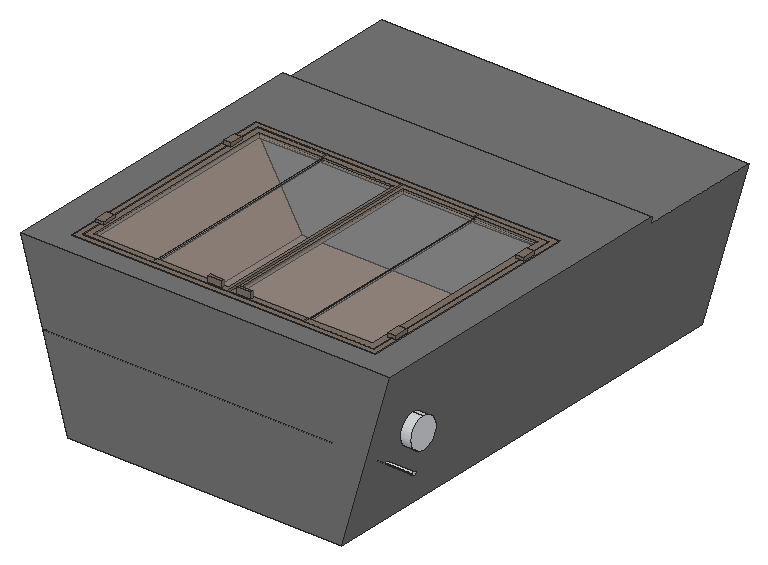
Revit family "Fireplace_Wood_Heatilator_Birmingham", category Mechanical Equipment, host Face, Revit 2015
Parameters (values of type "50x38 Viewing Area Gas Log")
  hvacrad [instance] = Outside Air Connection Diameter / 2  # 0' - 2 1/2"
  gasrad [instance] = Gas Connection Diameter / 2  # 0' - 0 1/4"
  exhaustrad [instance] = Exhaust Connection Diameter / 2  # 0' - 2 1/2"
  Warranty Duration (Years) = 0
  Unit Width = 5' - 0 7/8"
  Unit Weight = 0
  Unit Height = 6' - 2 1/8"
  Unit Depth = 2' - 3 1/2"
  URL = "http://www.heatilator.com/"
  Test Data = ""
  Standards Conformance = "UL  ;  cUL"
  Specification = "http://www.arcat.com/sdspecs/htm04/10_31_07hea.htm"
  SpecWizard = ""
  Send Message = "http://www.arcat.com/users.pl?action=UserEmail&amp;company=Heatilator<sup><small></small></sup>&amp;coid=49248&amp;rep=144&amp;fax=&amp;mf=95"
  Screen [instance] = BirminghamFace : BiFold Glass Door
  Sales Information = "http://www.heatilator.com/Contact-Us.aspx"
  Revision = "R2_2014-09"
  Recess Into Host [instance] = 2' - 3 1/2"
  Rear Width = 3' - 9 1/8"
  Rear Wall Finish [instance] = Masonry - Heatilator - Brick as Specified
  Product Properties = ""
  Product Data = "http://www.arcat.com/arcatcos/cos9549/arc49248.html"
  Opening Width = 4' - 2"
  Opening Height = 3' - 2"
  Mounting Height [instance] = 1' - 10.76867"
  Model = "BIR50 Gas"
  Manufacturer Website = "http://www.heatilator.com/"
  Manufacturer Phone - Toll Free = "800-927-6841"
  Manufacturer Phone = ""
  Manufacturer Fax = ""
  Manufacturer Address = "7571 215th St. W.  Lakeville, MN 55044"
  Manufacturer = "Heatilator"
  Maintenance Schedule (Months) = 0
  Keynote = "10305"
  Installation-Fabrication = ""
  Installation Phase = ""
  Heating Capacity = "as Specified"
  HVAC_BTU Output = 0.0 Btu/h
  HVAC_BTU Input = 150000.0 Btu/h
  Outside Air Connection Diameter [instance] = 5"
  Green Building-LEED = ""
  Glazing Tint [instance] = Glazing - Heatilator - Clear
  Gas Connection Diameter [instance] = 1/2"
  Fuel Type = "NG"
  Fuel Consumption = "as Specified"
  Fixture Finish = Metal - Heatilator - Metallic Black
  Expected Lifespan (Years) = 0
  Exhaust Connection Diameter [instance] = 5"
  Efficiency Ratings = "as Specified"
  Drawn By = "Sumex Design, Inc. / Robert S. Weygant, CSI, CDT, SCIP"
  Door Finish [instance] = Metal - Heatilator - Bronze
  Description = "Heatilator Gas Burning Fireplace - Birmingham BIR50 as Specified"
  Default Elevation = 0' - 0"
  Copyright = "©Arcat Inc."
  Construction Details = "http://www.arcat.com/details/heatil/heatil.html?coid=49248"
  Building Codes = ""
  Assembly Code = "D3020"
Types (6): name | Unit Width | Rear Width | Opening Width | Model | HVAC_BTU Input | Fuel Type | Efficiency Ratings | Description
  50x38 Viewing Area Gas Log | 5' - 0 7/8" | 3' - 9 1/8" | 4' - 2" | "BIR50 Gas" | 150000.0 Btu/h | "NG" | "as Specified" | "Heatilator Gas Burning Fireplace - Birmingham BIR50 as Specified"
  42x38 Viewing Area Gas Log | 4' - 4 7/8" | 3' - 1 1/8" | 3' - 6" | "BIR42 Gas" | 150000.0 Btu/h | "NG" | "as Specified" | "Heatilator Gas Burning Fireplace - Birmingham BIR42 as Specified"
  36x38 Viewing Area Gas Log | 3' - 10 7/8" | 2' - 7 1/8" | 3' - 0" | "BIR36 Gas" | 150000.0 Btu/h | "NG" | "as Specified" | "Heatilator Gas Burning Fireplace - Birmingham BIR36 as Specified"
  50x38 Viewing Area Wood | 5' - 0 7/8" | 3' - 9 1/8" | 4' - 2" | "BIR50" | 0.0 Btu/h | "Wood" | "Determined by Wood Used" | "Heatilator Wood Burning Fireplace - Birmingham BIR50 as Specified"
  42x38 Viewing Area Wood | 4' - 4 7/8" | 3' - 1 1/8" | 3' - 6" | "BIR42" | 0.0 Btu/h | "Wood" | "Determined by Wood Used" | "Heatilator Wood Burning Fireplace - Birmingham BIR42 as Specified"
  36x38 Viewing Area Wood | 3' - 10 7/8" | 2' - 7 1/8" | 3' - 0" | "BIR36" | 0.0 Btu/h | "Wood" | "Determined by Wood Used" | "Heatilator Wood Burning Fireplace - Birmingham BIR36 as Specified"
Reference planes (in)
  plane 1 "Opening CL": y = 0
  plane 2: z = 0
  plane 3 "Center (Left/Right)": x = 0
  plane 4: z = -27.5
  plane 5 "Front": z = 0
  plane 6: x = -25
  plane 7: x = 25
  plane 8: y = 23.3125
  plane 9 "FF": y = -41.20617
  plane 10: y = -18.4375
  plane 11: y = -14.6875
  plane 12: x = -30.4375
  plane 13: x = 30.4375
  plane 14: y = 55.6875
  plane 15: x = -22.5625
  plane 16: x = 22.5625
Forms (in)
  Extrusion 1, void
    sketch origin (0, 0, 0) x (1, 0, 0) y (0, 1, 0)
      loop
        line (30.4375, 55.6875) -> (-30.4375, 55.6875) -> (-30.4375, -18.4375) -> (30.4375, -18.4375) -> (30.4375, 55.6875)
    from -27.5 to 5.63952
  Extrusion 2, solid
    sketch origin (0, 55.6875, 0) x (0, 0, -1) y (1, 0, 0)
      loop
        circle (16.5, 0) r 2.5
    from 14.62715 to 16.25
  Extrusion 3, solid, material "Metal - Heatilator - Metallic Black" <- "Fixture Finish"
    sketch origin (0, 0, 0) x (1, 0, 0) y (0, 0, 1)
      loop
        line (-30.4375, 0) -> (-22.5625, -27.5) -> (22.5625, -27.5) -> (30.4375, 0) -> (-30.4375, 0)
    from 14.6875 to 18.4375
  Extrusion 4, solid, material "Metal - Heatilator - Metallic Black" <- "Fixture Finish"
    sketch origin (0, 0, 0) x (1, 0, 0) y (0, 0, 1)
      loop
        line (-30.4375, 0) -> (-22.5625, -27.5) -> (22.5625, -27.5) -> (30.4375, 0) -> (25, 0) -> (25, -1) -> (17.49445, -14) -> (-17.49445, -14) -> (-25, -1) -> (-25, 0) -> (-30.4375, 0)
    from -23.3125 to 14.6875
  Extrusion 5, solid, material "Metal - Heatilator - Metallic Black" <- "Fixture Finish"
    sketch origin (-6.5, -18.4375, 48) x (1, 0, 0) y (0, 0, 1)
      loop
        line (-23.9375, -48) -> (-16.0625, -75.5) -> (29.0625, -75.5) -> (36.9375, -48) -> (-23.9375, -48)
    from -41.75 to -54
  Extrusion 6, solid, material "Metal - Heatilator - Metallic Black" <- "Fixture Finish"
    sketch origin (-6.5, -18.4375, 48) x (1, 0, 0) y (0, 0, 1)
      loop
        line (-23.65114, -49) -> (-16.0625, -75.5) -> (29.0625, -75.5) -> (36.65114, -49) -> (-23.65114, -49)
    from -54 to -74.125
  Extrusion 7, solid
    sketch origin (30.4375, -180, 14.07791) x (0, 0, 1) y (0, -1, 0)
      loop
        circle (-25.20291, -168.4375) r 2.5
    from 0 to -1.68808
  Extrusion 8, solid
    sketch origin (-30.4375, -180, 14.07791) x (0, 0, 1) y (0, -1, 0)
      loop
        circle (-25.20291, -168.4375) r 2.5
    from 0 to 1.59306
  Extrusion 9, solid
    sketch origin (0, 0, 0) x (0, 1, 0) y (0, 0, 1)
      loop
        circle (-13.4375, -16.25) r 0.25
    from -30.4375 to 30.4375
Cuts and joins
  joined: Extrusion 3, Extrusion 4, Extrusion 5, Extrusion 6
Dimensions and locks (in)
  "Recess Into Host": level to plane 4
  "Unit Depth": plane 5 "Front" to plane 4
  equal spacing: plane 6, plane 3 "Center (Left/Right)", plane 7
  "Opening Width": plane 6 to plane 7
  "Mounting Height": plane 10 to plane 9 "FF"
  locked: plane 10 to plane 11 at 3.75
  "Opening Height": plane 8 to plane 11
  equal spacing: plane 12, plane 3 "Center (Left/Right)", plane 13
  "Unit Width": plane 12 to plane 13
  "Unit Height": plane 10 to plane 14
  locked: Extrusion 2 sketch curve to plane 3 "Center (Left/Right)" at 0
  equal spacing: plane 16, plane 3 "Center (Left/Right)", plane 15
  "Rear Width": plane 16 to plane 15
  locked: plane 5 "Front" to Extrusion 4 sketch curve at 14
  locked: plane 5 "Front" to Extrusion 4 sketch curve at 1  (x2)
  locked: plane 5 "Front" to Extrusion 6 sketch curve at 1
  locked: plane 5 "Front" to Extrusion 7 sketch curve at 11.125
  locked: plane 10 to Extrusion 7 sketch curve at 6.875
  locked: plane 10 to Extrusion 8 sketch curve at 6.875
  locked: plane 5 "Front" to Extrusion 8 sketch curve at 11.125
  locked: plane 5 "Front" to Extrusion 9 sketch curve at 16.25
  locked: plane 10 to Extrusion 9 sketch curve at 5
  locked: Extrusion 2 sketch curve to plane 4 at 11
  "exhaustrad": radius of Extrusion 2 sketch curve
  "hvacrad": radius of Extrusion 7 sketch curve
  "hvacrad": radius of Extrusion 8 sketch curve
  "gasrad": radius of Extrusion 9 sketch curve
  locked: Extrusion 4 sketch curve to plane 7 (angle 30.00°)
  locked: plane 6 to Extrusion 4 sketch curve (angle 30.00°)
  aligned and locked: plane 2 to host face
  aligned and locked: level to host face
  aligned: Extrusion 1 to plane 5 "Front"
  aligned and locked: Extrusion 1 to plane 4
  aligned and locked: Extrusion 1 sketch curve to plane 10
  aligned and locked: plane 13 to Extrusion 1 sketch curve
  aligned and locked: Extrusion 1 sketch curve to plane 12
  aligned and locked: Extrusion 1 sketch curve to plane 14
  aligned and locked: plane 5 "Front" to Extrusion 3 sketch curve
  aligned and locked: Extrusion 3 sketch curve to plane 4
  aligned and locked: plane 16 to Extrusion 3 sketch curve
  aligned and locked: plane 15 to Extrusion 3 sketch curve
  aligned and locked: Extrusion 3 to plane 10
  aligned and locked: Extrusion 3 to plane 11
  aligned and locked: plane 5 "Front" to Extrusion 4 sketch curve
  aligned and locked: Extrusion 4 sketch curve to plane 5 "Front"
  aligned and locked: plane 15 to Extrusion 4 sketch curve
  aligned and locked: plane 16 to Extrusion 4 sketch curve
  aligned and locked: Extrusion 4 sketch curve to plane 4
  aligned and locked: Extrusion 4 to plane 8
  aligned and locked: Extrusion 4 to plane 11
  aligned and locked: plane 5 "Front" to Extrusion 5 sketch curve
  aligned and locked: plane 15 to Extrusion 5 sketch curve
  aligned and locked: plane 16 to Extrusion 5 sketch curve
  aligned and locked: plane 13 to Extrusion 5 sketch curve
  aligned and locked: plane 12 to Extrusion 5 sketch curve
  aligned and locked: Extrusion 5 to plane 8
  aligned and locked: Extrusion 3 to Extrusion 6 sketch curve
  aligned and locked: Extrusion 6 sketch curve to Extrusion 3
  aligned and locked: Extrusion 6 sketch curve to plane 4
  aligned and locked: plane 16 to Extrusion 6 sketch curve
  aligned and locked: plane 15 to Extrusion 6 sketch curve
  aligned and locked: Extrusion 6 to plane 14
  aligned and locked: nested 1 to plane 10
  aligned and locked: plane 3 "Center (Left/Right)" to nested 1
  aligned and locked: plane 13 to Extrusion 9
  aligned and locked: Extrusion 9 to plane 12
Automatic sketch dimensions
  host sketch curve to host sketch curve = 8' - 0"
  host sketch curve to host sketch curve = 10' - 4 9/16"
  Extrusion 3 sketch curve to plane 12 = 0' - 0"
  Extrusion 3 sketch curve to plane 13 = 0' - 0"
  Extrusion 4 sketch curve to plane 12 = 0' - 0"
  Extrusion 4 sketch curve to plane 6 = 0' - 0"
  Extrusion 4 sketch curve to plane 7 = 0' - 0"
  Extrusion 4 sketch curve to plane 13 = 0' - 0"
  Extrusion 5 sketch curve to plane 4 = 0' - 0"
Nested families (in)
  nested 1: "BirminghamFace" at (0, -18.4375, -0.75), Width <- "Opening Width", frame finish <- "Door Finish", clear material <- "Glazing Tint", type <- "Screen", type "BiFold Glass Door"
    with frame finish Metal - Heatilator - Bronze, clear material Glazing - Heatilator - Clear, built-in parameter 1001301 4' - 2"
Connectors (in)
  hvac at (0, 41.06035, -16.5), driven by "exhaustrad"
    settings: on Extrusion 2, index 2, duct flow 0 CFM, flow factor 0, pres drop 0.00 in-wg, loss coef 0, conn angle 0.00°, conn width 12", conn height 12", conn diameter 5", duct sys type 3, conn prof type 0, flow config 0, flow direction 2, loss method 0, conn ref index -1, conn util no, is conn primary yes, conn desc "Exhaust"
  hvac at (30.4375, -11.5625, -11.125), driven by "hvacrad"
    settings: on Extrusion 7, index 3, duct flow 0 CFM, flow factor 0, pres drop 0.00 in-wg, loss coef 0, conn angle 0.00°, conn width 12", conn height 12", conn diameter 5", duct sys type 1, conn prof type 0, flow config 0, flow direction 1, loss method 0, conn ref index -1, conn util no, is conn primary no, conn desc "Outdoor Air - CONNECT BOTH"
  hvac at (-30.4375, -11.5625, -11.125), driven by "hvacrad"
    settings: on Extrusion 8, index 4, duct flow 0 CFM, flow factor 0, pres drop 0.00 in-wg, loss coef 0, conn angle 0.00°, conn width 12", conn height 12", conn diameter 5", duct sys type 1, conn prof type 0, flow config 0, flow direction 1, loss method 0, conn ref index -1, conn util no, is conn primary no, conn desc "Outdoor Air - CONNECT BOTH"
  piping at (30.4375, -13.4375, -16.25), diameter 0.5, driven by "gasrad"
    settings: on Extrusion 9, index 5, connector inside diameter 1/2", connector length 0' - 0", flow factor 0, pipe flow 0 GPM, pressure drop 0.00 psi, fitting loss kfactor 0, connector angle 0.00°, fixture units 0, engagement length 0' - 0", angle of deflection 0.00°, flow configuration 0, flow direction 1, fitting loss method 0, system type 29, joint type 0, gender type 0, connector reference index -1, connector utility 0, adjustable connector no, is connector primary yes, connector description "Gas Inlet - CONNECT ONE"
  piping at (-30.4375, -13.4375, -16.25), diameter 0.5, driven by "gasrad"
    settings: on Extrusion 9, index 6, connector inside diameter 1/2", connector length 0' - 0", flow factor 0, pipe flow 0 GPM, pressure drop 0.00 psi, fitting loss kfactor 0, connector angle 0.00°, fixture units 0, engagement length 0' - 0", angle of deflection 0.00°, flow configuration 0, flow direction 1, fitting loss method 0, system type 29, joint type 0, gender type 0, connector reference index -1, connector utility 0, adjustable connector no, is connector primary no, connector description "Gas Inlet - CONNECT ONE"
Definition of nested family "BirminghamFace"
  Parameters
    frame finish [instance] = none
    clear material [instance] = none
    Width [instance] = 3' - 0"
    Mesh Screen = no
    Mesh Doodads = yes
    Default Elevation = 4' - 0"
    BiFold = yes
    Assembly Code = ""
    Double Door = no
  Reference planes (in)
    plane 1 "Center (Front/Back)": y = 0
    plane 2: z = 0
    plane 3 "Center (Left/Right)": x = 0
    plane 4: x = -18
    plane 5: x = 18
    plane 6: y = 3.75
    plane 7: y = 41.75
    plane 8: x = -9
    plane 9: x = 9
  Forms (in)
    Extrusion 1, solid, material <- "frame finish", visible <- "BiFold"
      sketch origin (0, 0, 0) x (1, 0, 0) y (0, 1, 0)
        loop
          line (-18, 41.75) -> (-18, 3.75) -> (18, 3.75) -> (18, 41.75) -> (-18, 41.75)
        loop
          line (-17, 4.75) -> (17, 4.75) -> (17, 40.75) -> (-17, 40.75) -> (-17, 4.75)
      from 0 to 0.75
    Extrusion 2, solid, material <- "frame finish", visible <- "BiFold"
      sketch origin (0, 0, 0) x (1, 0, 0) y (0, 1, 0)
        loop
          line (-9.125, 40.75) -> (-17, 40.75) -> (-17, 4.75) -> (-9.125, 4.75) -> (-9.125, 5.75) -> (-16, 5.75) -> (-16, 39.75) -> (-9.125, 39.75) -> (-9.125, 40.75)
        loop
          line (9.125, 40.75) -> (9.125, 39.75) -> (16, 39.75) -> (16, 5.75) -> (9.125, 5.75) -> (9.125, 4.75) -> (17, 4.75) -> (17, 40.75) -> (9.125, 40.75)
        loop
          line (-8.875, 40.75) -> (-8.875, 39.75) -> (-0.6875, 39.75) -> (-0.6875, 5.75) -> (-8.875, 5.75) -> (-8.875, 4.75) -> (-0.1875, 4.75) -> (-0.1875, 40.75) -> (-8.875, 40.75)
        loop
          line (8.875, 40.75) -> (0.1875, 40.75) -> (0.1875, 4.75) -> (8.875, 4.75) -> (8.875, 5.75) -> (0.6875, 5.75) -> (0.6875, 39.75) -> (8.875, 39.75) -> (8.875, 40.75)
      from 0 to 0.75
    Extrusion 3, solid, material <- "clear material", visible <- "BiFold"
      sketch origin (0, 0, 0) x (1, 0, 0) y (0, 1, 0)
        loop
          line (-9.125, 39.75) -> (-16, 39.75) -> (-16, 5.75) -> (-9.125, 5.75) -> (-9.125, 39.75)
        loop
          line (-8.875, 39.75) -> (-8.875, 5.75) -> (-0.6875, 5.75) -> (-0.6875, 39.75) -> (-8.875, 39.75)
        loop
          line (9.125, 39.75) -> (9.125, 5.75) -> (16, 5.75) -> (16, 39.75) -> (9.125, 39.75)
        loop
          line (8.875, 39.75) -> (0.6875, 39.75) -> (0.6875, 5.75) -> (8.875, 5.75) -> (8.875, 39.75)
      from 0.5 to 0.25
    Extrusion 4, solid, material <- "frame finish", visible <- "Mesh Doodads"
      sketch origin (0, 0, 0) x (1, 0, 0) y (0, 1, 0)
        loop
          line (-17.69338, 36.89349) -> (-17.69338, 34.64349) -> (-16.44338, 34.64349) -> (-16.44338, 36.89349) -> (-17.69338, 36.89349)
        loop
          line (17.69338, 36.89349) -> (16.44338, 36.89349) -> (16.44338, 34.64349) -> (17.69338, 34.64349) -> (17.69338, 36.89349)
        loop
          line (-17.69338, 10.64349) -> (-17.69338, 8.39349) -> (-16.44338, 8.39349) -> (-16.44338, 10.64349) -> (-17.69338, 10.64349)
        loop
          line (17.69338, 10.64349) -> (16.44338, 10.64349) -> (16.44338, 8.39349) -> (17.69338, 8.39349) -> (17.69338, 10.64349)
      from 0.75 to 1.25
    Extrusion 5, solid, material <- "frame finish", visible <- "Mesh Doodads"
      sketch origin (0, 0, 0) x (1, 0, 0) y (0, 1, 0)
        loop
          line (-1.27485, 5.5009) -> (-3.52485, 5.5009) -> (-3.52485, 5.0009) -> (-1.27485, 5.0009) -> (-1.27485, 5.5009)
        loop
          line (1.27485, 5.5009) -> (1.27485, 5.0009) -> (3.52485, 5.0009) -> (3.52485, 5.5009) -> (1.27485, 5.5009)
      from 0.75 to 1.75
    Extrusion 6, solid, material <- "frame finish", visible <- "Double Door"
      sketch origin (0, 0, 0) x (1, 0, 0) y (0, 1, 0)
        loop
          line (-18, 41.75) -> (-18, 3.75) -> (18, 3.75) -> (18, 41.75) -> (-18, 41.75)
        loop
          line (-17, 40.75) -> (-17, 4.75) -> (17, 4.75) -> (17, 40.75) -> (-17, 40.75)
      from 0 to 0.75
    Extrusion 7, solid, material <- "frame finish", visible <- "Double Door"
      sketch origin (0, 0, 0) x (1, 0, 0) y (0, 1, 0)
        loop
          line (-17, 40.75) -> (-17, 4.75) -> (-0.1875, 4.75) -> (-0.1875, 40.75) -> (-17, 40.75)
        loop
          line (-16, 5.75) -> (-0.6875, 5.75) -> (-0.6875, 39.75) -> (-16, 39.75) -> (-16, 5.75)
        loop
          line (17, 40.75) -> (0.1875, 40.75) -> (0.1875, 4.75) -> (17, 4.75) -> (17, 40.75)
        loop
          line (16, 5.75) -> (16, 39.75) -> (0.6875, 39.75) -> (0.6875, 5.75) -> (16, 5.75)
      from 0 to 0.75
    Extrusion 8, solid, material <- "clear material", visible <- "Double Door"
      sketch origin (0, 0, 0) x (1, 0, 0) y (0, 1, 0)
        loop
          line (-16, 39.75) -> (-16, 5.75) -> (-0.6875, 5.75) -> (-0.6875, 39.75) -> (-16, 39.75)
        loop
          line (0.6875, 5.75) -> (16, 5.75) -> (16, 39.75) -> (0.6875, 39.75) -> (0.6875, 5.75)
      from 0.25 to 0.5
    Sweep 9, solid, material <- "frame finish", visible <- "Mesh Screen"
      path origin (0, 0, 0) x (1, 0, 0) y (0, 1, 0)
        loop
          line (-18, 3.75) -> (-18, 41.75)
      profile origin (-18, 22.75, 0) x (-1, 0, 0) y (0, 0, 1)
        loop
          arc (-0.25, 0.5) -> (-0.5, 0.75) -> (-0.75, 0.5) r 0.25
          arc (-0.75, 0.5) -> (-1, 0.25) -> (-1.25, 0.5) r 0.25
          arc (-1.25, 0.5) -> (-1.5, 0.75) -> (-1.75, 0.5) r 0.25
          arc (-1.75, 0.5) -> (-2, 0.25) -> (-2.25, 0.5) r 0.25
          arc (-2.25, 0.5) -> (-2.5, 0.75) -> (-2.75, 0.5) r 0.25
          arc (-2.75, 0.5) -> (-3, 0.25) -> (-3.25, 0.5) r 0.25
          arc (-3.25, 0.5) -> (-3.5, 0.75) -> (-3.75, 0.5) r 0.25
          arc (-3.75, 0.5) -> (-4, 0.25) -> (-4.25, 0.5) r 0.25
          arc (-4.25, 0.5) -> (-4.5, 0.75) -> (-4.75, 0.5) r 0.25
          arc (-4.75, 0.5) -> (-5, 0.25) -> (-5.25, 0.5) r 0.25
          arc (-5.25, 0.5) -> (-5.5, 0.75) -> (-5.75, 0.5) r 0.25
          arc (-5.75, 0.5) -> (-6, 0.25) -> (-6.25, 0.5) r 0.25
          arc (-6.25, 0.5) -> (-6.5, 0.75) -> (-6.75, 0.5) r 0.25
          arc (-6.75, 0.5) -> (-7, 0.25) -> (-7.25, 0.5) r 0.25
          arc (-7.25, 0.5) -> (-7.5, 0.75) -> (-7.75, 0.5) r 0.25
          arc (-7.75, 0.5) -> (-8, 0.25) -> (-8.25, 0.5) r 0.25
          arc (-8.25, 0.5) -> (-8.5, 0.75) -> (-8.75, 0.5) r 0.25
          arc (-8.75, 0.5) -> (-9, 0.25) -> (-9.25, 0.5) r 0.25
          line (-9.25, 0.5) -> (-9.3125, 0.5)
          arc (-9.3125, 0.5) -> (-9, 0.1875) -> (-8.6875, 0.5) r 0.3125
          arc (-8.6875, 0.5) -> (-8.5, 0.6875) -> (-8.3125, 0.5) r 0.1875
          arc (-8.3125, 0.5) -> (-8, 0.1875) -> (-7.6875, 0.5) r 0.3125
          arc (-7.6875, 0.5) -> (-7.5, 0.6875) -> (-7.3125, 0.5) r 0.1875
          arc (-7.3125, 0.5) -> (-7, 0.1875) -> (-6.6875, 0.5) r 0.3125
          arc (-6.6875, 0.5) -> (-6.5, 0.6875) -> (-6.3125, 0.5) r 0.1875
          arc (-6.3125, 0.5) -> (-6, 0.1875) -> (-5.6875, 0.5) r 0.3125
          arc (-5.6875, 0.5) -> (-5.5, 0.6875) -> (-5.3125, 0.5) r 0.1875
          arc (-5.3125, 0.5) -> (-5, 0.1875) -> (-4.6875, 0.5) r 0.3125
          arc (-4.6875, 0.5) -> (-4.5, 0.6875) -> (-4.3125, 0.5) r 0.1875
          arc (-4.3125, 0.5) -> (-4, 0.1875) -> (-3.6875, 0.5) r 0.3125
          arc (-3.6875, 0.5) -> (-3.5, 0.6875) -> (-3.3125, 0.5) r 0.1875
          arc (-3.3125, 0.5) -> (-3, 0.1875) -> (-2.6875, 0.5) r 0.3125
          arc (-2.6875, 0.5) -> (-2.5, 0.6875) -> (-2.3125, 0.5) r 0.1875
          arc (-2.3125, 0.5) -> (-2, 0.1875) -> (-1.6875, 0.5) r 0.3125
          arc (-1.6875, 0.5) -> (-1.5, 0.6875) -> (-1.3125, 0.5) r 0.1875
          arc (-1.3125, 0.5) -> (-1, 0.1875) -> (-0.6875, 0.5) r 0.3125
          arc (-0.6875, 0.5) -> (-0.46829, 0.6848) -> (-0.32322, 0.4375) r 0.1875
          line (-0.32322, 0.4375) -> (0, 0.4375) -> (0, 0.5) -> (-0.25, 0.5)
    Sweep 10, solid, material <- "frame finish", visible <- "Mesh Screen"
      path origin (0, 0, 0) x (1, 0, 0) y (0, 1, 0)
        loop
          line (18, 41.75) -> (18, 3.75)
      profile origin (18, 22.75, 0) x (1, 0, 0) y (0, 0, 1)
        loop
          arc (-8.25, 0.5) -> (-8.5, 0.75) -> (-8.75, 0.5) r 0.25
          arc (-8.75, 0.5) -> (-9, 0.25) -> (-9.25, 0.5) r 0.25
          line (-9.25, 0.5) -> (-9.3125, 0.5)
          arc (-9.3125, 0.5) -> (-9, 0.1875) -> (-8.6875, 0.5) r 0.3125
          arc (-8.6875, 0.5) -> (-8.5, 0.6875) -> (-8.3125, 0.5) r 0.1875
          arc (-8.3125, 0.5) -> (-8, 0.1875) -> (-7.6875, 0.5) r 0.3125
          arc (-7.6875, 0.5) -> (-7.5, 0.6875) -> (-7.3125, 0.5) r 0.1875
          arc (-7.3125, 0.5) -> (-7, 0.1875) -> (-6.6875, 0.5) r 0.3125
          arc (-6.6875, 0.5) -> (-6.5, 0.6875) -> (-6.3125, 0.5) r 0.1875
          arc (-6.3125, 0.5) -> (-6, 0.1875) -> (-5.6875, 0.5) r 0.3125
          arc (-5.6875, 0.5) -> (-5.5, 0.6875) -> (-5.3125, 0.5) r 0.1875
          arc (-5.3125, 0.5) -> (-5, 0.1875) -> (-4.6875, 0.5) r 0.3125
          arc (-4.6875, 0.5) -> (-4.5, 0.6875) -> (-4.3125, 0.5) r 0.1875
          arc (-4.3125, 0.5) -> (-4, 0.1875) -> (-3.6875, 0.5) r 0.3125
          arc (-3.6875, 0.5) -> (-3.5, 0.6875) -> (-3.3125, 0.5) r 0.1875
          arc (-3.3125, 0.5) -> (-3, 0.1875) -> (-2.6875, 0.5) r 0.3125
          arc (-2.6875, 0.5) -> (-2.5, 0.6875) -> (-2.3125, 0.5) r 0.1875
          arc (-2.3125, 0.5) -> (-2, 0.1875) -> (-1.6875, 0.5) r 0.3125
          arc (-1.6875, 0.5) -> (-1.5, 0.6875) -> (-1.3125, 0.5) r 0.1875
          arc (-1.3125, 0.5) -> (-1, 0.1875) -> (-0.6875, 0.5) r 0.3125
          arc (-0.6875, 0.5) -> (-0.46829, 0.6848) -> (-0.32322, 0.4375) r 0.1875
          line (-0.32322, 0.4375) -> (0, 0.4375) -> (0, 0.5) -> (-0.25, 0.5)
          arc (-0.25, 0.5) -> (-0.5, 0.75) -> (-0.75, 0.5) r 0.25
          arc (-0.75, 0.5) -> (-1, 0.25) -> (-1.25, 0.5) r 0.25
          arc (-1.25, 0.5) -> (-1.5, 0.75) -> (-1.75, 0.5) r 0.25
          arc (-1.75, 0.5) -> (-2, 0.25) -> (-2.25, 0.5) r 0.25
          arc (-2.25, 0.5) -> (-2.5, 0.75) -> (-2.75, 0.5) r 0.25
          arc (-2.75, 0.5) -> (-3, 0.25) -> (-3.25, 0.5) r 0.25
          arc (-3.25, 0.5) -> (-3.5, 0.75) -> (-3.75, 0.5) r 0.25
          arc (-3.75, 0.5) -> (-4, 0.25) -> (-4.25, 0.5) r 0.25
          arc (-4.25, 0.5) -> (-4.5, 0.75) -> (-4.75, 0.5) r 0.25
          arc (-4.75, 0.5) -> (-5, 0.25) -> (-5.25, 0.5) r 0.25
          arc (-5.25, 0.5) -> (-5.5, 0.75) -> (-5.75, 0.5) r 0.25
          arc (-5.75, 0.5) -> (-6, 0.25) -> (-6.25, 0.5) r 0.25
          arc (-6.25, 0.5) -> (-6.5, 0.75) -> (-6.75, 0.5) r 0.25
          arc (-6.75, 0.5) -> (-7, 0.25) -> (-7.25, 0.5) r 0.25
          arc (-7.25, 0.5) -> (-7.5, 0.75) -> (-7.75, 0.5) r 0.25
          arc (-7.75, 0.5) -> (-8, 0.25) -> (-8.25, 0.5) r 0.25
  Dimensions and locks (in)
    equal spacing: plane 4, plane 3 "Center (Left/Right)", plane 5
    "Width": plane 4 to plane 5
    locked: plane 1 "Center (Front/Back)" to plane 6 at 3.75
    locked: plane 7 to plane 6 at 38
    equal spacing: plane 4, plane 8, plane 3 "Center (Left/Right)"
    equal spacing: plane 3 "Center (Left/Right)", plane 9, plane 5
    locked: Extrusion 2 sketch curve to plane 8 at 0.125  (x2)
    plane 4 to Extrusion 2 sketch curve to Extrusion 2 sketch curve = 0' - 1" locked, 0' - 1" locked
    locked: Extrusion 2 sketch curve to Extrusion 2 sketch curve at 1
    locked: plane 9 to Extrusion 2 sketch curve at 0.125  (x2)
    Extrusion 2 sketch curve to Extrusion 2 sketch curve to plane 3 "Center (Left/Right)" = 0' - 0 1/2" locked, 0' - 0 3/16" locked
    plane 3 "Center (Left/Right)" to Extrusion 2 sketch curve to Extrusion 2 sketch curve = 0' - 0 3/16" locked, 0' - 0 1/2" locked
    locked: plane 8 to Extrusion 2 sketch curve at 0.125  (x2)
    locked: Extrusion 2 sketch curve to plane 9 at 0.125  (x2)
    locked: Extrusion 2 sketch curve to plane 5 at 1
    Extrusion 3 sketch curve to plane 8 to Extrusion 3 sketch curve = 0' - 0 1/8" locked, 0' - 0 1/8" locked
    Extrusion 3 sketch curve to plane 9 to Extrusion 3 sketch curve = 0' - 0 1/8" locked, 0' - 0 1/8" locked
    Extrusion 3 sketch curve to plane 3 "Center (Left/Right)" to Extrusion 3 sketch curve = 0' - 0 11/16" locked, 0' - 0 11/16" locked
    locked: plane 4 to Extrusion 3 sketch curve at 2
    locked: Extrusion 3 sketch curve to plane 5 at 2
    Extrusion 5 sketch curve to Extrusion 5 sketch curve to plane 3 "Center (Left/Right)" = 0' - 2 1/4" locked, 0' - 1.27485" locked
    plane 3 "Center (Left/Right)" to Extrusion 5 sketch curve to Extrusion 5 sketch curve = 0' - 1.27485" locked, 0' - 2 1/4" locked
    Extrusion 7 sketch curve to Extrusion 7 sketch curve to plane 3 "Center (Left/Right)" = 0' - 0 1/2" locked, 0' - 0 3/16" locked
    plane 3 "Center (Left/Right)" to Extrusion 7 sketch curve to Extrusion 7 sketch curve = 0' - 0 3/16" locked, 0' - 0 1/2" locked
    Extrusion 8 sketch curve to plane 3 "Center (Left/Right)" to Extrusion 8 sketch curve = 0' - 0 11/16" locked, 0' - 0 11/16" locked
    aligned and locked: plane 2 to level
    aligned and locked: plane 7 to Sweep 9 sketch curve
    aligned and locked: plane 4 to Sweep 9 sketch curve
    aligned and locked: plane 6 to Sweep 10 sketch curve
    aligned and locked: Sweep 10 sketch curve to plane 5
    aligned and locked: plane 7 to Sweep 10 sketch curve
  Automatic sketch dimensions
    Extrusion 1 sketch curve to plane 4 = 0' - 0"
    Extrusion 1 sketch curve to plane 5 = 0' - 0"
    Extrusion 1 sketch curve to plane 6 = 0' - 0"
    Extrusion 1 sketch curve to plane 7 = 0' - 0"
    plane 4 to Extrusion 1 sketch curve = 0' - 1"
    Extrusion 1 sketch curve to plane 5 = 0' - 1"
    plane 6 to Extrusion 1 sketch curve = 0' - 1"
    Extrusion 1 sketch curve to plane 7 = 0' - 1"
    plane 6 to Extrusion 2 sketch curve = 0' - 1"  (x3)
    Extrusion 2 sketch curve to Extrusion 2 sketch curve = 0' - 0"  (x4)
    Extrusion 2 sketch curve to Extrusion 2 sketch curve = 0' - 1"  (x2)
    Extrusion 2 sketch curve to plane 7 = 0' - 2"  (x4)
    Extrusion 2 sketch curve to plane 7 = 0' - 1"  (x3)
    plane 6 to Extrusion 3 sketch curve = 0' - 2"  (x3)
    Extrusion 3 sketch curve to Extrusion 3 sketch curve = 0' - 0"  (x3)
    Extrusion 3 sketch curve to plane 7 = 0' - 2"  (x2)
    plane 4 to Extrusion 4 sketch curve = 0' - 0.30662"  (x2)
    Extrusion 4 sketch curve to Extrusion 4 sketch curve = 0' - 1 1/4"  (x2)
    Extrusion 4 sketch curve to plane 5 = 0' - 1.55662"  (x2)
    Extrusion 4 sketch curve to plane 5 = 0' - 0.30662"  (x2)
    plane 6 to Extrusion 4 sketch curve = 0' - 4.64349"  (x2)
    Extrusion 4 sketch curve to Extrusion 4 sketch curve = 0' - 2 1/4"  (x4)
    Extrusion 4 sketch curve to plane 7 = 0' - 7.10651"  (x2)
    plane 6 to Extrusion 5 sketch curve = 0' - 1.7509"
    plane 6 to Extrusion 5 sketch curve = 0' - 1.2509"
    Extrusion 5 sketch curve to Extrusion 5 sketch curve = 0' - 0 1/2"  (x2)
    Extrusion 6 sketch curve to plane 4 = 0' - 0"
    Extrusion 6 sketch curve to plane 5 = 0' - 0"
    Extrusion 6 sketch curve to plane 6 = 0' - 0"
    Extrusion 6 sketch curve to plane 7 = 0' - 0"
    plane 4 to Extrusion 6 sketch curve = 0' - 1"
    Extrusion 6 sketch curve to plane 5 = 0' - 1"
    plane 6 to Extrusion 6 sketch curve = 0' - 1"
    Extrusion 6 sketch curve to plane 7 = 0' - 1"
    plane 4 to Extrusion 7 sketch curve = 0' - 1"
    Extrusion 7 sketch curve to Extrusion 7 sketch curve = 0' - 1"  (x3)
    Extrusion 7 sketch curve to plane 5 = 0' - 2"
    Extrusion 7 sketch curve to plane 5 = 0' - 1"
    plane 6 to Extrusion 7 sketch curve = 0' - 1"  (x2)
    Extrusion 7 sketch curve to plane 7 = 0' - 2"
    Extrusion 7 sketch curve to Extrusion 7 sketch curve = 0' - 0"  (x2)
    Extrusion 7 sketch curve to plane 7 = 0' - 1"
    plane 4 to Extrusion 8 sketch curve = 0' - 2"
    Extrusion 8 sketch curve to plane 5 = 0' - 2"
    plane 6 to Extrusion 8 sketch curve = 0' - 2"  (x2)
    Extrusion 8 sketch curve to plane 7 = 0' - 2"
    Extrusion 8 sketch curve to Extrusion 8 sketch curve = 0' - 0"
    Sweep 9 sketch curve to plane 6 = 0' - 0"
    Sweep 9 sketch curve to Sweep 9 sketch curve = 0' - 0"  (x70)
    Sweep 9 sketch curve to profile plane = 0' - 0"
    profile plane to Sweep 9 sketch curve = 0' - 0 1/4"
    Sweep 9 sketch curve to Sweep 9 sketch curve = 0' - 0.07322"
    Sweep 9 sketch curve to Sweep 9 sketch curve = 0' - 0.17678"
    Sweep 9 sketch curve to Sweep 9 sketch curve = 0' - 0 1/16"
    Sweep 9 sketch curve to Sweep 9 sketch curve = 0' - 0 1/4"  (x9)
    Sweep 9 sketch curve to Sweep 9 sketch curve = 0' - 0 3/16"  (x8)
    level to Sweep 9 sketch curve = 0' - 0 7/16"
    Sweep 10 sketch curve to Sweep 10 sketch curve = 0' - 0"  (x70)
    profile plane to Sweep 10 sketch curve = 0' - 0"
    profile plane to Sweep 10 sketch curve = 0' - 0 1/4"
    Sweep 10 sketch curve to Sweep 10 sketch curve = 0' - 0.07322"
    Sweep 10 sketch curve to Sweep 10 sketch curve = 0' - 0.17678"
    Sweep 10 sketch curve to Sweep 10 sketch curve = 0' - 0 1/16"
    Sweep 10 sketch curve to Sweep 10 sketch curve = 0' - 0 1/4"  (x9)
    Sweep 10 sketch curve to Sweep 10 sketch curve = 0' - 0 3/16"  (x8)
    level to Sweep 10 sketch curve = 0' - 0 7/16"
